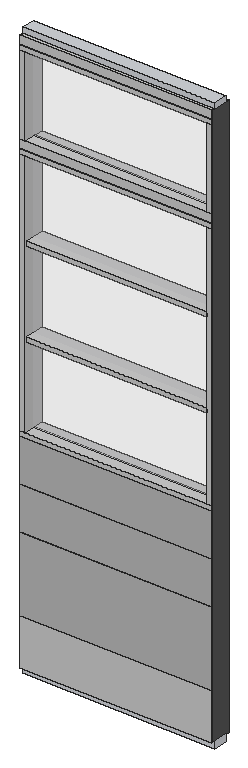
Revit family "Haworth_Enclose_Wall_SolidGlassTransom", category Furniture Systems, Revit 2018
Family settings
  Round Connector Dimension = Use Diameter
  Part Type = Normal
  OmniClass Number = 23.25.40.14
  OmniClass Title = Demountable Partitions
  Work Plane-Based = No
  Always vertical = Yes
  Cut with Voids When Loaded = No
  Shared = Yes
  Room Calculation Point = No
Parameters (values of type "36" x 108"")
  Warranty = "http://www.haworth.com/resources/product-info/warranties"
  URL - Product = "http://www.haworth.com/products/architectural-interiors/moveable-walls/enclose"
  Type Comments = ""
  Sustainability Info = "http://www.haworth.com/company-info/sustainablility"
  Raceway Finish = Haworth _ Metal _ Brushed Aluminum
  Panel 3 Front Finish [instance] = Haworth _ Paint _ Smoke
  Panel 3 Back Finish [instance] = Haworth _ Paint _ Smoke
  Panel 2 Front Finish [instance] = Haworth _ Paint _ Smoke
  Panel 2 Back Finish [instance] = Haworth _ Paint _ Smoke
  Panel 1 Front Finish [instance] = Haworth _ Paint _ Smoke
  Panel 1 Back Finish [instance] = Haworth _ Paint _ Smoke
  Model = "Haworth - Enclose"  # constant formula
  Glass Panel Depth = 0.4"  # constant formula
  Glass Finish = Haworth _ Glass _ Clear
  Frame Finish = Haworth _ Metal _ Brushed Aluminum
  End of Run Finish = Haworth _ Polymer _ Black
  Description = "Wall Solid Glass Transom"  # constant formula
  Ceiling Mount = yes
  Raceway Panel Width = Actual Width - (2 * End of Run Width)  # 35.69"
  Raceway Panel Front Height = 8.59"  # constant formula
  Raceway Panel Back Height = 8.59"  # constant formula
  Panel Note = "Panels come in standard 8 in increments"  # constant formula
  Panel Height Note = "All Heights are A.F.F."  # constant formula
  PH1B = if(Raceway Panel Back, (Actual Solid Panel Height - Base Height - Raceway Panel Back Height), (Actual Solid Panel Height - Base Height))  # 30.16"
  Offset Back = if(Raceway Panel Back, Raceway Panel Back Height + Base Height, Base Height)  # 9.84"
  Offset Front = if(Raceway Panel Front, Raceway Panel Front Height + Base Height, Base Height)  # 9.84"
  Max # of Panels = if(PH1F < 24", 2, if(PH1B < 24", 2, 3))  # 3
  Actual Width = if(Width < Min. Width, Min. Width, if(Width > Max. Width, Max. Width, Width))  # 36"
  Actual Height = if(Height < Min. Height, Min. Height, if(Height > Max. Height, Max. Height, Height))  # 108"
  Actual # of Panels Front = if(# of Panels Front > Max # of Panels, Max # of Panels, if(# of Panels Front < 1, 1, # of Panels Front))  # 3
  Actual # of Panels Back = if(# of Panels Back > Max # of Panels, Max # of Panels, if(# of Panels Back < 1, 1, # of Panels Back))  # 3
  Actual Panel 2 Front Height = if(not(Actual Solid Panel Height > 25.84"), Actual Panel 1 Front Height + 4", if(Panel 2 Front Height < Actual Panel 1 Front Height + 8", Actual Panel 1 Front Height + 8", if(Panel 2 Front Height > Actual Solid Panel Height - 8", Actual Solid Panel Height - 8", Panel 2 Front Height)))  # 32"
  Actual Panel 1 Front Height = if(Panel 1 Front Height < 8" + Offset Front, 8" + Offset Front, if(and(Actual # of Panels Front = 3, Panel 1 Front Height > Actual Solid Panel Height - 16"), Actual Solid Panel Height - 16", if(and(Actual # of Panels Front = 2, Panel 1 Front Height > Actual Solid Panel Height - 8"), Actual Solid Panel Height - 8", Panel 1 Front Height)))  # 24"
  Actual Panel 2 Back Height = if(not(Actual Solid Panel Height > 25.84"), Actual Panel 1 Back Height + 4", if(Panel 2 Back Height < Actual Panel 1 Back Height + 8", Actual Panel 1 Back Height + 8", if(Panel 2 Back Height > Actual Solid Panel Height - 8", Actual Solid Panel Height - 8", Panel 2 Back Height)))  # 32"
  Actual Panel 1 Back Height = if(Panel 1 Back Height < 8" + Offset Back, 8" + Offset Back, if(and(Actual # of Panels Back = 3, Panel 1 Back Height > Actual Solid Panel Height - 16"), Actual Solid Panel Height - 16", if(and(Actual # of Panels Back = 2, Panel 1 Back Height > Actual Solid Panel Height - 8"), Actual Solid Panel Height - 8", Panel 1 Back Height)))  # 24"
  Panel 2 Front Height = 32"
  Panel 1 Front Height = 24"
  Panel 2 Back Height = 32"
  Panel 1 Back Height = 24"
  # of Panels Front = 3
  # of Panels Back = 3
  Raceway Panel Front = yes
  Raceway Panel Back = yes
  Panel Width 3 = Actual Width - (2 * Vertical Frame Width) - (2 * End of Run Width)  # 33.94"
  Panel Height 3 = Actual Height - Horizontal Top Adjuster Width - Horizontal Frame Width - Actual Glass Panel Height - Horizontal Transition 1 Frame Width  # 14.875"
  Panel Width 2 = Actual Width - (2 * Vertical Frame Width) - (2 * End of Run Width)  # 33.94"
  Panel Height 2 = Actual Glass Panel Height - Horizontal Transition 1 Frame Width - Actual Solid Panel Height  # 46.375"
  Muntin Width = 0.875"  # constant formula
  Muntin Note = "Bottom Muntin is Muntin 1"  # constant formula
  Min. Spacing Between Muntins = 8"  # constant formula
  Material Options = "http://surfaces.haworth.com/haworth-surface-collection"
  Width = 36"
  Vertical Frame Width = 0.875"  # constant formula
  URL = "www.haworth.com"
  Size = "Verify Final Dim. w/ Haworth"  # constant formula
  Revision Number = "3"  # constant formula
  Panel Width 1 = Actual Width - (2 * End of Run Width)  # 35.69"
  PH1F = if(Raceway Panel Front, (Actual Solid Panel Height - Base Height - Raceway Panel Front Height), (Actual Solid Panel Height - Base Height))  # 30.16"
  Panel Depth = 0.5"  # constant formula
  Min/Max Width = "8-60 in."  # constant formula
  Min/Max Height = "92-144 in."  # constant formula
  Horizontal Transition 2 Frame Width = 2.5"  # constant formula
  Horizontal Transition 1 Frame Width = 1.625"  # constant formula
  Horizontal Top Trim Width = 1.43"  # constant formula
  Horizontal Top Adjuster Width = Cap Height + Horizontal Top Trim Width + 0.195"  # 2.625"
  Horizontal Bottom Adjuster Width = Base Height + Horizontal Bottom Trim Width + 0.195"  # 3.87"
  Glass Offset = Actual Solid Panel Height + Horizontal Frame Width  # 40.875"
  Min. Width = 8"  # constant formula
  Max. Width = 60"  # constant formula
  Min. Height = 92"  # constant formula
  Max. Height = 144"  # constant formula
  Manufacturer = "Haworth"  # constant formula
  Horizontal Frame Width = 0.875"  # constant formula
  Horizontal Bottom Trim Width = 2.425"  # constant formula
  Height = 108"
  End of Run Width = 0.155"  # constant formula
  Frame Depth = 4"  # constant formula
  End of Run Right Width [instance] = if(End of Run Right, 1.845", End of Run Width)  # 0.155"
  End of Run Right [instance] = no
  End of Run Left Width [instance] = if(End of Run Left, 1.845", End of Run Width)  # 0.155"
  End of Run Left [instance] = no
  Cap Height = 1"  # constant formula
  Base Height = 1.25"  # constant formula
  Author = "SHAPE Environments, LLC"  # constant formula
  Assembly Code = "C1010200"
  Actual Transom Panel Height = Actual Height - Actual Glass Panel Height  # 20"
  Actual Glass Panel Height = if(AFF Glass Panel Height < 80.59" + Base Height, 80.59" + Base Height, if(AFF Glass Panel Height > Actual Height - Cap Height - 8", Actual Height - Cap Height - 8", AFF Glass Panel Height))  # 88"
  Actual Solid Panel Height = if(AFF Solid Panel Height < 24.59" + Base Height, 24.59" + Base Height, if(AFF Solid Panel Height > Actual Glass Panel Height - 8", Actual Glass Panel Height - 8", AFF Solid Panel Height))  # 40"
  AFF Glass Panel Height = 88"
  AFF Solid Panel Height = 40"
  Actual AFF Muntin 2 = if(AFF Muntin 2 < Actual AFF Muntin 1 + 8", Actual AFF Muntin 1 + 8", if(and(# of Muntins = 2, AFF Muntin 2 > Actual Glass Panel Height - (Muntin Width) - 8"), Actual Glass Panel Height - (Muntin Width) - 8", AFF Muntin 2))  # 72"
  Actual AFF Muntin 1 = if(AFF Muntin 1 < Actual Solid Panel Height + 8", Actual Solid Panel Height + 8", if(and(# of Muntins = 2, AFF Muntin 1 > Actual Glass Panel Height - (Muntin Width) - 16"), Actual Glass Panel Height - (Muntin Width) - 16", if(and(# of Muntins = 1, AFF Muntin 1 > Actual Glass Panel Height - (Muntin Width) - 8"), Actual Glass Panel Height - (Muntin Width) - 8", AFF Muntin 1)))  # 56"
  Actual # of Muntins = if(# of Muntins > Max # of Muntins, Max # of Muntins, # of Muntins)  # 2
  AFF Muntin 2 = 72"
  AFF Muntin 1 = 56"
  Max # of Muntins = if(Actual Glass Panel Height - Actual Solid Panel Height < 16", 0, if(Actual Glass Panel Height - Actual Solid Panel Height < 24", 1, 2))  # 2
  # of Muntins = 2
  Too Many Muntins = or(and(Actual # of Muntins = 0, # of Muntins > 0), (# of Muntins > 2))  # no
Types (5): name | Raceway Panel Width | Actual Width | Panel Width 3 | Panel Width 2 | Width | Panel Width 1
  36" x 108" | 35.69" | 36" | 33.94" | 33.94" | 36" | 35.69"
  24" x 108" | 23.69" | 24" | 21.94" | 21.94" | 24" | 23.69"
  30" x 108" | 29.69" | 30" | 27.94" | 27.94" | 30" | 29.69"
  42" x 108" | 41.69" | 42" | 39.94" | 39.94" | 42" | 41.69"
  48" x 108" | 47.69" | 48" | 45.94" | 45.94" | 48" | 47.69"
Reference planes (in)
  plane 1 "Center F/B": y = -0.17786
  plane 2: z = 0
  plane 3 "Center L/R": x = -2.36364
  plane 4 "Left": x = -20.36364
  plane 5 "Right": x = 15.63636
  plane 6 "Top": z = 108
  plane 7 "Back": y = 1.82214
  plane 8 "Front": y = -2.17786
  plane 9 "Left Frame Outside": x = -20.20864
  plane 10 "Left Frame Inside": x = -19.33364
  plane 11 "Right Frame Outside": x = 15.48136
  plane 12 "Right Frame Inside": x = 14.60636
  plane 13 "End of Run Right": x = 15.63636
  plane 14 "End of Run Left": x = -20.36364
  plane 15 "Top Frame Outside": z = 105.375
  plane 16 "Top Trim Outside": z = 107
  plane 17 "Top Frame Inside": z = 104.5
  plane 18 "Bottom Frame Outside": z = 3.87
  plane 19 "Bottom Adjuster": z = 1.25
  plane 20 "Bottom Frame Inside": z = 4.745
  plane 21 "Panel 1 Transition": z = 40
  plane 22 "Transition 1 Trim": z = 40.875
  plane 23 "Panel 2 Transition": z = 87.125
  plane 24 "Transition 2 Trim": z = 89.625
  plane 25 "Transition 2 Frame": z = 88
  plane 26 "Raceway Top Front": z = 9.84
  plane 27 "Raceway Top Back": z = 9.84
Forms (in)
  Sweep 1, solid, material "Haworth _ Polymer _ Black" <- "End of Run Finish"
    path origin (0, -0.17786, 0) x (1, 0, 0) y (0, 0, 1)
      loop
        line (-20.20864, 107) -> (-20.20864, 1.25)
    profile "Haworth_Enclose - Postcap : Left" origin (-20.20864, -0.17786, 54.125) x (1, 0, 0) y (0, -1, 0)
      loop
        line (0, 1.805) -> (-0.155, 1.805) -> (-0.155, -1.805) -> (0, -1.805) -> (0, 1.805)
  Sweep 2, solid, material "Haworth _ Polymer _ Black" <- "End of Run Finish"
    path origin (0, -0.17786, 0) x (1, 0, 0) y (0, 0, 1)
      loop
        line (15.48136, 107) -> (15.48136, 1.25)
    profile "Haworth_Enclose - Postcap : Right" origin (15.48136, -0.17786, 54.125) x (1, 0, 0) y (0, -1, 0)
      loop
        line (0, 1.805) -> (0, -1.805) -> (0.155, -1.805) -> (0.155, 1.805) -> (0, 1.805)
  Sweep 3, solid, material "Haworth _ Metal _ Brushed Aluminum" <- "Frame Finish"
    path origin (0, -0.17786, 0) x (1, 0, 0) y (0, 0, 1)
      loop
        line (15.48136, 104.5) -> (-20.20864, 104.5)
    profile "Haworth_Enclose - Horizontal_Frame : Horizontal" origin (-2.36364, -0.17786, 104.5) x (0, 0, -1) y (0, -1, 0)
      loop
        line (0, 2) -> (-0.875, 2) -> (-0.875, -2) -> (0, -2) -> (0, 2)
  Sweep 4, solid, material "Haworth _ Metal _ Brushed Aluminum" <- "Frame Finish"
    path origin (0, -0.17786, 0) x (1, 0, 0) y (0, 0, 1)
      loop
        line (-20.20864, 107) -> (15.48136, 107)
    profile "Haworth_Enclose - Horizontal_Trim : Top" origin (-2.36364, -0.17786, 107) x (0, 0, 1) y (0, -1, 0)
      loop
        line (0, 2) -> (-1.43, 2) -> (-1.43, 1.805) -> (-1.625, 1.805) -> (-1.625, -1.805) -> (-1.43, -1.805) -> (-1.43, -2) -> (0, -2) -> (0, 2)
  Sweep 5, solid, visible <- "Ceiling Mount"
    path origin (0, -0.17786, 0) x (1, 0, 0) y (0, 0, 1)
      loop
        line (-20.36364, 108) -> (15.63636, 108)
    profile "Haworth_Enclose - Horizontal_Track : Ceiling" origin (-2.36364, -0.17786, 108) x (0, 0, 1) y (0, -1, 0)
      loop
        line (0, 1.28) -> (-1, 1.28) -> (-1, -1.28) -> (0, -1.28) -> (0, 1.28)
  Sweep 6, solid
    path origin (0, -0.17786, 0) x (1, 0, 0) y (0, 0, 1)
      loop
        line (15.63636, 0) -> (-20.36364, 0)
    profile "Haworth_Enclose - Horizontal_Track : Base" origin (-2.36364, -0.17786, 0) x (0, 0, -1) y (0, -1, 0)
      loop
        line (0, 1.28) -> (-1.25, 1.28) -> (-1.25, -1.28) -> (0, -1.28) -> (0, 1.28)
  Sweep 7, solid, material "Haworth _ Metal _ Brushed Aluminum" <- "Frame Finish"
    path origin (0, -0.17786, 0) x (1, 0, 0) y (0, 0, 1)
      loop
        line (-20.20864, 40.875) -> (-20.20864, 87.125)
    profile "Haworth_Enclose - Vertical_Frame : Vertical" origin (-20.20864, -0.17786, 64) x (-1, 0, 0) y (0, -1, 0)
      loop
        line (0, 2) -> (-0.875, 2) -> (-0.875, -2) -> (0, -2) -> (0, 2)
  Sweep 8, solid, material "Haworth _ Metal _ Brushed Aluminum" <- "Frame Finish"
    path origin (0, -0.17786, 0) x (1, 0, 0) y (0, 0, 1)
      loop
        line (-20.20864, 40.875) -> (15.48136, 40.875)
    profile "Haworth_Enclose - Horizontal_Frame : Horizontal" origin (-2.36364, -0.17786, 40.875) x (0, 0, 1) y (0, -1, 0)
      loop
        line (0, 2) -> (-0.875, 2) -> (-0.875, -2) -> (0, -2) -> (0, 2)
  Sweep 9, solid, material "Haworth _ Metal _ Brushed Aluminum" <- "Frame Finish"
    path origin (0, -0.17786, 0) x (1, 0, 0) y (0, 0, 1)
      loop
        line (15.48136, 40.875) -> (15.48136, 87.125)
    profile "Haworth_Enclose - Vertical_Frame : Vertical" origin (15.48136, -0.17786, 64) x (-1, 0, 0) y (0, -1, 0)
      loop
        line (0, 2) -> (0, -2) -> (0.875, -2) -> (0.875, 2) -> (0, 2)
  Sweep 10, solid, material "Haworth _ Metal _ Brushed Aluminum" <- "Frame Finish"
    path origin (0, -0.17786, 0) x (1, 0, 0) y (0, 0, 1)
      loop
        line (-20.20864, 89.625) -> (15.48136, 89.625)
    profile "Haworth_Enclose - Horizontal_Trim : Transition 2" origin (-2.36364, -0.17786, 89.625) x (0, 0, 1) y (0, -1, 0)
      loop
        line (0, 2) -> (-1.43, 2) -> (-1.43, 1.805) -> (-1.625, 1.805) -> (-1.625, -1.805) -> (-1.43, -1.805) -> (-1.43, -2) -> (0, -2) -> (0, 2)
  Sweep 11, solid, material "Haworth _ Metal _ Brushed Aluminum" <- "Frame Finish"
    path origin (0, -0.17786, 0) x (1, 0, 0) y (0, 0, 1)
      loop
        line (15.48136, 88) -> (-20.20864, 88)
    profile "Haworth_Enclose - Horizontal_Frame : Horizontal" origin (-2.36364, -0.17786, 88) x (0, 0, -1) y (0, -1, 0)
      loop
        line (0, 2) -> (0, -2) -> (0.875, -2) -> (0.875, 2) -> (0, 2)
  Sweep 12, solid, material "Haworth _ Metal _ Brushed Aluminum" <- "Frame Finish"
    path origin (0, -0.17786, 0) x (1, 0, 0) y (0, 0, 1)
      loop
        line (-20.20864, 104.5) -> (-20.20864, 89.625)
    profile "Haworth_Enclose - Vertical_Frame : Vertical" origin (-20.20864, -0.17786, 97.0625) x (1, 0, 0) y (0, -1, 0)
      loop
        line (0, 2) -> (0, -2) -> (0.875, -2) -> (0.875, 2) -> (0, 2)
  Sweep 13, solid, material "Haworth _ Metal _ Brushed Aluminum" <- "Frame Finish"
    path origin (-4.72729, -0.17786, 0) x (-1, 0, 0) y (0, 0, 1)
      loop
        line (-20.20864, 104.5) -> (-20.20864, 89.625)
    profile "Haworth_Enclose - Vertical_Frame : Vertical" origin (15.48136, -0.17786, 97.0625) x (1, 0, 0) y (0, -1, 0)
      loop
        line (0, 2) -> (-0.875, 2) -> (-0.875, -2) -> (0, -2) -> (0, 2)
Lines and regions (in)
  Masking region 1
    outline origin (0, 0, 0) x (1, 0, 0) y (0, 1, 0)
      loop
        line (-20.36364, 1.82214) -> (-20.36364, -2.17786) -> (15.63636, -2.17786) -> (15.63636, 1.82214) -> (-20.36364, 1.82214)
  symbolic lines, style "Haworth", detail levels medium+fine
    curve 1: line (14.60636, 1.32214, 0) -> (14.60636, -1.67786, 0)
    curve 4: line (-19.33364, -1.67786, 0) -> (-19.33364, 1.32214, 0)
    curve 5: line (-20.36364, 1.32214, 0) -> (15.63636, 1.32214, 0)
    curve 6: line (15.63636, -1.67786, 0) -> (-20.36364, -1.67786, 0)
  symbolic lines, style "FurnitureSystemsHiddenLines", detail levels medium+fine
    curve 2: line (14.60636, -0.37786, 0) -> (-19.33364, -0.37786, 0)
    curve 3: line (14.60636, 0.02214, 0) -> (-19.33364, 0.02214, 0)
Dimensions and locks (in)
  equal spacing: plane 4 "Left", plane 3 "Center L/R", plane 5 "Right"
  "Actual Width": plane 4 "Left" to plane 5 "Right"
  "End of Run Width": plane 4 "Left" to plane 9 "Left Frame Outside"
  "Vertical Frame Width": plane 9 "Left Frame Outside" to plane 10 "Left Frame Inside"
  "End of Run Width": plane 11 "Right Frame Outside" to plane 5 "Right"
  "End of Run Right Width": plane 11 "Right Frame Outside" to plane 13 "End of Run Right"
  "End of Run Left Width": plane 14 "End of Run Left" to plane 9 "Left Frame Outside"
  "Vertical Frame Width": plane 12 "Right Frame Inside" to plane 11 "Right Frame Outside"
  equal spacing: plane 7 "Back", plane 1 "Center F/B", plane 8 "Front"
  "Frame Depth": plane 7 "Back" to plane 8 "Front"
  "Actual Height": plane 6 "Top" to level
  "Cap Height": plane 6 "Top" to plane 16 "Top Trim Outside"
  "Horizontal Frame Width": plane 15 "Top Frame Outside" to plane 17 "Top Frame Inside"
  "Base Height": plane 19 "Bottom Adjuster" to level
  "Horizontal Frame Width": plane 20 "Bottom Frame Inside" to plane 18 "Bottom Frame Outside"
  "Horizontal Bottom Adjuster Width": plane 18 "Bottom Frame Outside" to plane 2
  "Horizontal Top Adjuster Width": plane 6 "Top" to plane 15 "Top Frame Outside"
  "Actual Solid Panel Height": plane 21 "Panel 1 Transition" to plane 2
  "Horizontal Frame Width": plane 22 "Transition 1 Trim" to plane 21 "Panel 1 Transition"
  "Horizontal Transition 1 Frame Width": plane 24 "Transition 2 Trim" to plane 25 "Transition 2 Frame"
  "Horizontal Frame Width": plane 25 "Transition 2 Frame" to plane 23 "Panel 2 Transition"
  "Actual Glass Panel Height": plane 25 "Transition 2 Frame" to plane 2
  "Raceway Panel Front Height": plane 26 "Raceway Top Front" to plane 19 "Bottom Adjuster"
  "Raceway Panel Back Height": plane 19 "Bottom Adjuster" to plane 27 "Raceway Top Back"
  aligned and locked: Sweep 1 sketch curve to plane 9 "Left Frame Outside"
  aligned and locked: Sweep 2 sketch curve to plane 11 "Right Frame Outside"
  aligned and locked: plane 17 "Top Frame Inside" to Sweep 3 sketch curve
  aligned and locked: plane 9 "Left Frame Outside" to Sweep 3 sketch curve
  aligned and locked: plane 11 "Right Frame Outside" to Sweep 3 sketch curve
  aligned and locked: Sweep 4 sketch curve to plane 16 "Top Trim Outside"
  aligned and locked: plane 11 "Right Frame Outside" to Sweep 4 sketch curve
  aligned and locked: plane 9 "Left Frame Outside" to Sweep 4 sketch curve
  aligned and locked: plane 13 "End of Run Right" to Sweep 5 sketch curve
  aligned and locked: plane 14 "End of Run Left" to Sweep 5 sketch curve
  aligned and locked: plane 14 "End of Run Left" to Sweep 6 sketch curve
  aligned and locked: plane 13 "End of Run Right" to Sweep 6 sketch curve
  aligned and locked: plane 2 to Sweep 6 sketch curve
  aligned and locked: Sweep 5 sketch curve to plane 6 "Top"
  aligned and locked: Masking region 1 sketch curve to plane 7 "Back"
  aligned and locked: plane 8 "Front" to Masking region 1 sketch curve
  aligned and locked: plane 19 "Bottom Adjuster" to Sweep 1 sketch curve
  aligned and locked: plane 16 "Top Trim Outside" to Sweep 1 sketch curve
  aligned and locked: plane 16 "Top Trim Outside" to Sweep 2 sketch curve
  aligned and locked: plane 19 "Bottom Adjuster" to Sweep 2 sketch curve
  aligned and locked: plane 9 "Left Frame Outside" to Sweep 7 sketch curve
  aligned and locked: Sweep 8 sketch curve to plane 22 "Transition 1 Trim"
  aligned and locked: plane 11 "Right Frame Outside" to Sweep 8 sketch curve
  aligned and locked: plane 9 "Left Frame Outside" to Sweep 8 sketch curve
  aligned and locked: plane 22 "Transition 1 Trim" to Sweep 7 sketch curve
  aligned and locked: plane 11 "Right Frame Outside" to Sweep 9 sketch curve
  aligned and locked: plane 22 "Transition 1 Trim" to Sweep 9 sketch curve
  aligned and locked: plane 3 "Center L/R" to nested 1
  aligned and locked: plane 1 "Center F/B" to nested 1
  aligned: nested 1 to plane 22 "Transition 1 Trim"
  aligned and locked: plane 3 "Center L/R" to nested 2
  aligned and locked: plane 8 "Front" to nested 2
  aligned and locked: nested 3 to plane 3 "Center L/R"
  aligned and locked: plane 7 "Back" to nested 3
  aligned and locked: nested 2 to plane 19 "Bottom Adjuster"
  aligned and locked: plane 19 "Bottom Adjuster" to nested 3
  aligned and locked: Sweep 10 sketch curve to plane 24 "Transition 2 Trim"
  aligned and locked: plane 11 "Right Frame Outside" to Sweep 10 sketch curve
  aligned and locked: plane 9 "Left Frame Outside" to Sweep 10 sketch curve
  aligned and locked: plane 25 "Transition 2 Frame" to Sweep 11 sketch curve
  aligned and locked: plane 9 "Left Frame Outside" to Sweep 11 sketch curve
  aligned and locked: plane 11 "Right Frame Outside" to Sweep 11 sketch curve
  aligned and locked: nested 1 to plane 24 "Transition 2 Trim"
  aligned and locked: plane 3 "Center L/R" to nested 4
  aligned and locked: plane 1 "Center F/B" to nested 4
  aligned and locked: nested 4 to plane 22 "Transition 1 Trim"
  aligned and locked: plane 23 "Panel 2 Transition" to Sweep 7 sketch curve
  aligned and locked: plane 23 "Panel 2 Transition" to Sweep 9 sketch curve
  aligned and locked: Sweep 12 sketch curve to plane 9 "Left Frame Outside"
  aligned and locked: plane 17 "Top Frame Inside" to Sweep 12 sketch curve
  aligned and locked: plane 24 "Transition 2 Trim" to Sweep 12 sketch curve
  aligned and locked: Sweep 13 sketch curve to plane 11 "Right Frame Outside"
  aligned and locked: plane 17 "Top Frame Inside" to Sweep 13 sketch curve
  aligned and locked: plane 24 "Transition 2 Trim" to Sweep 13 sketch curve
  aligned and locked: curve 5 to nested 3
  aligned and locked: plane 14 "End of Run Left" to curve 5
  aligned and locked: plane 14 "End of Run Left" to curve 6
  aligned and locked: curve 6 to nested 2
  aligned and locked: plane 13 "End of Run Right" to curve 5
  aligned and locked: plane 13 "End of Run Right" to curve 6
  aligned and locked: plane 3 "Center L/R" to nested 5
  aligned and locked: plane 8 "Front" to nested 5
  aligned and locked: nested 6 to plane 3 "Center L/R"
  aligned and locked: plane 7 "Back" to nested 6
  aligned and locked: Masking region 1 to plane 14 "End of Run Left"
  aligned and locked: plane 13 "End of Run Right" to Masking region 1
  aligned and locked: plane 21 "Panel 1 Transition" to nested 5
  aligned and locked: nested 6 to plane 21 "Panel 1 Transition"
  aligned and locked: curve 2 to nested 1
  aligned and locked: curve 3 to nested 1
Automatic sketch dimensions
  Masking region 1 sketch curve to plane 4 "Left" = 0"
  plane 5 "Right" to Masking region 1 sketch curve = 0"
  curve 4 to plane 10 "Left Frame Inside" = 0"
  curve 2 to plane 12 "Right Frame Inside" = 0"
Nested families (in)
  nested 1: "Haworth_Enclose - Panel_Glass" at (-3.54385, -0.14763, 89.625), type "Transom"
    with Panel Width 33.94", Panel Height 14.875", Panel Depth 0.4"
  nested 2: "Haworth_Enclose - Panel_Solid" at (-3.54385, -1.89763, 1.25), Panel Height <- "Raceway Panel Front Height", visible <- "Raceway Panel Front", type "Raceway Panel"
    with Panel Height 8.59"
  nested 3: "Haworth_Enclose - Panel_Solid" at (-3.54385, 1.5419, 1.25), Panel Height <- "Raceway Panel Back Height", visible <- "Raceway Panel Back", type "Raceway Panel"
    with Panel Height 8.59"
  nested 4: "Haworth_Enclose - Panel_Glass_Muntins" at (-3.54385, -0.14763, 40.875), type "Glass"
    with Panel Height 46.375", Panel Depth 0.4", Offset 40.875", Muntin 2 Height 31.125", Muntin 1 Height 15.125", AFF Muntin 2 72", AFF Muntin 1 56"
  nested 5: "Haworth_Enlcose - Panel_Solid-Tiles" at (-3.54385, -1.89763, 9.84), built-in parameter 1001364 <- "Offset Front", Panel 3 Finish <- "Panel 3 Front Finish", Panel 2 Finish <- "Panel 2 Front Finish", Panel 1 Finish <- "Panel 1 Front Finish", # of Panels <- "Actual # of Panels Front", type "Front"
    with Panel 3 Finish Haworth _ Paint _ Smoke, Panel 2 Finish Haworth _ Paint _ Smoke, Panel 1 Finish Haworth _ Paint _ Smoke, Actual # of Panels 3, 3 Panel yes, 2 Panel no, 1 Panel no, # of Panels 3, Offset 9.84", Actual 2H 22.16", Actual 1H 14.16", 2H 32", 1H 24", Actual Height 30.16"
  nested 6: "Haworth_Enlcose - Panel_Solid-Tiles" at (-3.54385, 1.5419, 9.84), built-in parameter 1001364 <- "Offset Back", Panel 3 Finish <- "Panel 3 Back Finish", Panel 2 Finish <- "Panel 2 Back Finish", Panel 1 Finish <- "Panel 1 Back Finish", # of Panels <- "Actual # of Panels Back", type "Back"
    with Panel 3 Finish Haworth _ Paint _ Smoke, Panel 2 Finish Haworth _ Paint _ Smoke, Panel 1 Finish Haworth _ Paint _ Smoke, Actual # of Panels 3, 3 Panel yes, 2 Panel no, 1 Panel no, # of Panels 3, Offset 9.84", Actual 2H 22.16", Actual 1H 14.16", 2H 32", 1H 24", Actual Height 30.16"
Definition of nested family "Haworth_Enclose - Panel_Glass"
  Parameters
    Panel Width = 36"
    Panel Height = 108"
    Panel Finish = none
    Panel Depth = 0.5"
  Reference planes (in)
    plane 1 "Center F/B": y = -0.03024
    plane 2: z = 0
    plane 3 "Center L/R": x = 1.1802
    plane 4 "Left": x = -16.8198
    plane 5 "Right": x = 19.1802
    plane 6 "Back": y = 0.21976
    plane 7 "Front": y = -0.28024
    plane 8 "Top": z = 108
  Forms (in)
    Extrusion 1, solid, material <- "Panel Finish"
      sketch origin (0, -0.03024, 0) x (1, 0, 0) y (0, 0, 1)
        loop
          line (-16.8198, 108) -> (-16.8198, 0) -> (19.1802, 0) -> (19.1802, 108) -> (-16.8198, 108)
      from -0.25 to 0.25
  Dimensions and locks (in)
    "Panel Height": plane 8 "Top" to level
    equal spacing: plane 6 "Back", plane 1 "Center F/B", plane 7 "Front"
    "Panel Depth": plane 6 "Back" to plane 7 "Front"
    equal spacing: plane 4 "Left", plane 3 "Center L/R", plane 5 "Right"
    "Panel Width": plane 4 "Left" to plane 5 "Right"
    aligned and locked: plane 4 "Left" to Extrusion 1 sketch curve
    aligned and locked: Extrusion 1 sketch curve to plane 8 "Top"
    aligned and locked: level to Extrusion 1 sketch curve
    aligned and locked: Extrusion 1 sketch curve to plane 5 "Right"
    aligned and locked: plane 6 "Back" to Extrusion 1
    aligned and locked: Extrusion 1 to plane 7 "Front"
Definition of nested family "Haworth_Enclose - Panel_Solid"
  Parameters
    URL = "www.haworth.com"
    Revision Number = "1"  # constant formula
    Revision Date = ""
    Panel Width = 35.69"
    Panel Height [instance] = 44.75"
    Panel Finish = none
    Panel Depth = 0.5"
    Manufacturer = "Haworth"  # constant formula
    Author = "SHAPE Environments, LLC"  # constant formula
    Assembly Code = ""
  Reference planes (in)
    plane 1 "Center F/B": y = -0.03024
    plane 2: z = 0
    plane 3 "Center L/R": x = 1.1802
    plane 4 "Left": x = -16.6648
    plane 5 "Right": x = 19.0252
    plane 6 "Back": y = 0.21976
    plane 7 "Front": y = -0.28024
    plane 8 "Top": z = 44.75
  Forms (in)
    Extrusion 1, solid, material <- "Panel Finish"
      sketch origin (0, -0.03024, 0) x (1, 0, 0) y (0, 0, 1)
        loop
          line (-16.6648, 44.75) -> (-16.6648, 0) -> (19.0252, 0) -> (19.0252, 44.75) -> (-16.6648, 44.75)
      from -0.25 to 0.25
  Dimensions and locks (in)
    "Panel Height": plane 8 "Top" to level
    equal spacing: plane 6 "Back", plane 1 "Center F/B", plane 7 "Front"
    "Panel Depth": plane 6 "Back" to plane 7 "Front"
    equal spacing: plane 4 "Left", plane 3 "Center L/R", plane 5 "Right"
    "Panel Width": plane 4 "Left" to plane 5 "Right"
    aligned and locked: plane 4 "Left" to Extrusion 1 sketch curve
    aligned and locked: Extrusion 1 sketch curve to plane 8 "Top"
    aligned and locked: level to Extrusion 1 sketch curve
    aligned and locked: Extrusion 1 sketch curve to plane 5 "Right"
    aligned and locked: plane 6 "Back" to Extrusion 1
    aligned and locked: Extrusion 1 to plane 7 "Front"
Definition of nested family "Haworth_Enclose - Panel_Glass_Muntins"
  Parameters
    URL = "www.haworth.com"
    Revision Number = "1"  # constant formula
    Revision Date = ""
    Panel Width = 33.94"
    Panel Height = 99.75"
    Panel Finish = none
    Panel Depth = 0.5"
    Offset = 4.75"
    Muntin Width = 0.875"  # constant formula
    Muntin Finish = none
    Muntin Depth = 3.765"  # constant formula
    Muntin 2 Height = AFF Muntin 2 - Offset  # 43.25"
    Muntin 2 = or(# of Muntins > 1)  # yes
    Muntin 1 Height = AFF Muntin 1 - Offset  # 19.25"
    Muntin 1 = or(# of Muntins > 0)  # yes
    Manufacturer = "Haworth"  # constant formula
    Author = "SHAPE Environment, LLC"  # constant formula
    Assembly Code = ""
    AFF Muntin 2 = 48"
    AFF Muntin 1 = 24"
    # of Muntins = 2
  Reference planes (in)
    plane 1 "Center F/B": y = -0.03024
    plane 2: z = 0
    plane 3 "Center L/R": x = 1.1802
    plane 4 "Left": x = -15.7898
    plane 5 "Right": x = 18.1502
    plane 6 "Back": y = 0.21976
    plane 7 "Front": y = -0.28024
    plane 8 "Top": z = 99.75
    plane 9: z = 72.765
    plane 10: z = 54.765
    plane 11: z = 19.25
    plane 12: z = 43.25
  Forms (in)
    Extrusion 1, solid, material <- "Panel Finish"
      sketch origin (0, -0.03024, 0) x (1, 0, 0) y (0, 0, 1)
        loop
          line (-15.7898, 99.75) -> (-15.7898, 0) -> (18.1502, 0) -> (18.1502, 99.75) -> (-15.7898, 99.75)
      from -0.25 to 0.25
    Sweep 2, solid, material <- "Muntin Finish", visible <- "Muntin 1"
      path origin (0, -0.03024, 0) x (1, 0, 0) y (0, 0, 1)
        loop
          line (-15.7898, 19.25) -> (18.1502, 19.25)
      profile "Haworth_Lifespace - Muntin : Muntin" origin (1.1802, -0.03024, 19.25) x (0, 0, 1) y (0, -1, 0)
        loop
          line (0, 1.8825) -> (0, -1.8825) -> (0.875, -1.8825) -> (0.875, 1.8825) -> (0, 1.8825)
    Sweep 3, solid, material <- "Muntin Finish", visible <- "Muntin 2"
      path origin (0, -0.03024, 11) x (1, 0, 0) y (0, 0, 1)
        loop
          line (-15.7898, 32.25) -> (18.1502, 32.25)
      profile "Haworth_Lifespace - Muntin : Muntin" origin (1.1802, -0.03024, 43.25) x (0, 0, 1) y (0, -1, 0)
        loop
          line (0, 1.8825) -> (0, -1.8825) -> (0.875, -1.8825) -> (0.875, 1.8825) -> (0, 1.8825)
  Dimensions and locks (in)
    "Panel Height": plane 8 "Top" to level
    equal spacing: plane 6 "Back", plane 1 "Center F/B", plane 7 "Front"
    "Panel Depth": plane 6 "Back" to plane 7 "Front"
    equal spacing: plane 4 "Left", plane 3 "Center L/R", plane 5 "Right"
    "Panel Width": plane 4 "Left" to plane 5 "Right"
    "Muntin 1 Height": plane 11 to level
    "Muntin 2 Height": plane 12 to level
    locked: plane 10 to level at 54.765
    locked: plane 9 to level at 72.765
    aligned and locked: plane 4 "Left" to Extrusion 1 sketch curve
    aligned and locked: Extrusion 1 sketch curve to plane 8 "Top"
    aligned and locked: level to Extrusion 1 sketch curve
    aligned and locked: Extrusion 1 sketch curve to plane 5 "Right"
    aligned and locked: plane 6 "Back" to Extrusion 1
    aligned and locked: Extrusion 1 to plane 7 "Front"
    aligned and locked: Sweep 2 sketch curve to plane 11
    aligned and locked: plane 4 "Left" to Sweep 2 sketch curve
    aligned and locked: plane 5 "Right" to Sweep 2 sketch curve
    aligned and locked: Sweep 3 sketch curve to plane 12
    aligned and locked: plane 4 "Left" to Sweep 3 sketch curve
    aligned and locked: plane 5 "Right" to Sweep 3 sketch curve
Definition of nested family "Haworth_Enlcose - Panel_Solid-Tiles"
  Parameters
    URL = "www.haworth.com"
    Revision Number = "1"  # constant formula
    Revision Date = ""
    Panel Width = 35.69"
    Panel Depth = 0.5"
    Offset = 9.25"
    Panel 3 Finish [instance] = none
    Actual 2H = [2H] - Offset  # 14.75"
    Actual 1H = [1H] - Offset  # 6.75"
    Actual # of Panels [instance] = if(# of Panels > 3, 3, # of Panels)  # 3
    3 Panel [instance] = Actual # of Panels = 3  # yes
    2H = 24"
    Panel 2 Finish [instance] = none
    2 Panel [instance] = Actual # of Panels = 2  # no
    1H = 16"
    Panel 1 Finish [instance] = none
    1 Panel [instance] = Actual # of Panels = 1  # no
    Manufacturer = "Haworth"  # constant formula
    Author = "SHAPE Environments, LLC"  # constant formula
    Assembly Code = ""
    Actual Height = 44.75"
    # of Panels [instance] = 3
  Reference planes (in)
    plane 1 "Center F/B": y = -0.03024
    plane 2 "Bottom": z = 0
    plane 3 "Center L/R": x = 1.1802
    plane 4 "Left": x = -16.6648
    plane 5 "Right": x = 19.0252
    plane 6 "Back": y = 0.21976
    plane 7 "Front": y = -0.28024
    plane 8 "Top": z = 44.75
    plane 9: z = 14.75
    plane 10: z = 6.75
  Forms (in)
    Extrusion 1, solid, material <- "Panel 1 Finish", visible <- "1 Panel"
      sketch origin (0, -0.03024, -6.5) x (1, 0, 0) y (0, 0, 1)
        loop
          line (-16.6648, 51.25) -> (-16.6648, 6.5) -> (19.0252, 6.5) -> (19.0252, 51.25) -> (-16.6648, 51.25)
      from -0.25 to 0.25
    Extrusion 2, solid, material <- "Panel 1 Finish", visible <- "2 Panel"
      sketch origin (0, -0.03024, -6.5) x (1, 0, 0) y (0, 0, 1)
        loop
          line (-16.6648, 13.25) -> (-16.6648, 6.5) -> (19.0252, 6.5) -> (19.0252, 13.25) -> (-16.6648, 13.25)
      from -0.25 to 0.25
    Extrusion 3, solid, material <- "Panel 2 Finish", visible <- "2 Panel"
      sketch origin (0, -0.03024, -6.5) x (1, 0, 0) y (0, 0, 1)
        loop
          line (-16.6648, 51.25) -> (-16.6648, 13.25) -> (19.0252, 13.25) -> (19.0252, 51.25) -> (-16.6648, 51.25)
      from -0.25 to 0.25
    Extrusion 4, solid, material <- "Panel 1 Finish", visible <- "3 Panel"
      sketch origin (0, -0.03024, -6.5) x (1, 0, 0) y (0, 0, 1)
        loop
          line (-16.6648, 13.25) -> (-16.6648, 6.5) -> (19.0252, 6.5) -> (19.0252, 13.25) -> (-16.6648, 13.25)
      from -0.25 to 0.25
    Extrusion 5, solid, material <- "Panel 2 Finish", visible <- "3 Panel"
      sketch origin (0, -0.03024, -6.5) x (1, 0, 0) y (0, 0, 1)
        loop
          line (-16.6648, 21.25) -> (-16.6648, 13.25) -> (19.0252, 13.25) -> (19.0252, 21.25) -> (-16.6648, 21.25)
      from -0.25 to 0.25
    Extrusion 6, solid, material <- "Panel 3 Finish", visible <- "3 Panel"
      sketch origin (0, -0.03024, -6.5) x (1, 0, 0) y (0, 0, 1)
        loop
          line (-16.6648, 51.25) -> (-16.6648, 21.25) -> (19.0252, 21.25) -> (19.0252, 51.25) -> (-16.6648, 51.25)
      from -0.25 to 0.25
  Dimensions and locks (in)
    equal spacing: plane 6 "Back", plane 1 "Center F/B", plane 7 "Front"
    "Panel Depth": plane 6 "Back" to plane 7 "Front"
    equal spacing: plane 4 "Left", plane 3 "Center L/R", plane 5 "Right"
    "Panel Width": plane 4 "Left" to plane 5 "Right"
    "Actual 1H": plane 10 to level
    "Actual 2H": plane 9 to level
    "Actual Height": plane 8 "Top" to plane 2 "Bottom"
    aligned and locked: plane 4 "Left" to Extrusion 2 sketch curve
    aligned and locked: Extrusion 2 sketch curve to plane 10
    aligned and locked: Extrusion 2 sketch curve to Extrusion 1
    aligned and locked: Extrusion 3 sketch curve to Extrusion 2  (x2)
    aligned and locked: Extrusion 3 to Extrusion 4 sketch curve
    aligned and locked: Extrusion 4 sketch curve to Extrusion 2
    aligned and locked: Extrusion 4 sketch curve to Extrusion 1
    aligned and locked: plane 4 "Left" to Extrusion 5 sketch curve
    aligned and locked: Extrusion 5 sketch curve to plane 9
    aligned and locked: Extrusion 5 sketch curve to Extrusion 2
    aligned and locked: Extrusion 5 sketch curve to Extrusion 3
    aligned and locked: Extrusion 6 sketch curve to Extrusion 5  (x2)
  Automatic sketch dimensions
    Extrusion 1 sketch curve to plane 5 "Right" = 0"
    Extrusion 1 sketch curve to plane 4 "Left" = 0"
    Extrusion 1 sketch curve to plane 8 "Top" = 0"
    Extrusion 3 sketch curve to plane 4 "Left" = 0"
    Extrusion 3 sketch curve to plane 8 "Top" = 0"
    Extrusion 6 sketch curve to plane 4 "Left" = 0"
    Extrusion 6 sketch curve to plane 8 "Top" = 0"
    level to Extrusion 1 sketch curve = 0"
    level to Extrusion 2 sketch curve = 0"
    level to Extrusion 4 sketch curve = 0"
